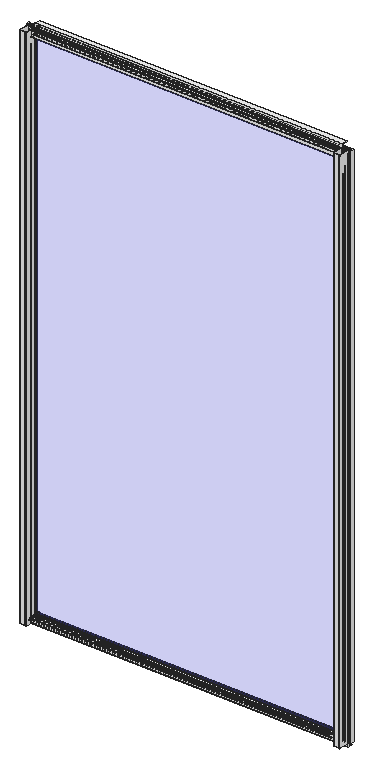
Revit family "Facade_60_Curtain_Wall_E11_Standard", category Windows, host Wall, Revit 2014 (continued)
Definition of nested family "F60 Vertical Profile Side_E11_Std"
  Automatic sketch dimensions
    plane 3 "Center (Left/Right)" to Extrusion 11 sketch curve = 1.014 mm
    plane 3 "Center (Left/Right)" to Extrusion 11 sketch curve = 1.05 mm
    Extrusion 11 sketch curve to Extrusion 11 sketch curve = 0.469 mm  (x2)
    Extrusion 11 sketch curve to Extrusion 11 sketch curve = 1.079 mm
    Extrusion 11 sketch curve to Extrusion 11 sketch curve = 1.317 mm  (x2)
    Extrusion 11 sketch curve to Extrusion 11 sketch curve = 0 mm  (x3)
    plane 3 "Center (Left/Right)" to Extrusion 11 sketch curve = 3.85 mm
    Extrusion 11 sketch curve to Extrusion 11 sketch curve = 0.15 mm  (x2)
    Extrusion 11 sketch curve to Extrusion 11 sketch curve = 26 mm  (x2)
    Extrusion 11 sketch curve to Extrusion 11 sketch curve = 1.05 mm
    Extrusion 11 sketch curve to Extrusion 11 sketch curve = 0.707 mm
    Extrusion 11 sketch curve to Extrusion 11 sketch curve = 0.433 mm
    plane 1 "Center (Front/Back)" to Extrusion 11 sketch curve = 31.288 mm
    plane 1 "Center (Front/Back)" to Extrusion 11 sketch curve = 28.065 mm
    Extrusion 11 sketch curve to Extrusion 11 sketch curve = 1.314 mm
    Extrusion 11 sketch curve to Extrusion 11 sketch curve = 0.65 mm
    Extrusion 11 sketch curve to Extrusion 11 sketch curve = 0.5 mm  (x2)
    plane 1 "Center (Front/Back)" to Extrusion 11 sketch curve = 32.75 mm
    Extrusion 11 sketch curve to Extrusion 11 sketch curve = 0.1 mm  (x3)
    Extrusion 11 sketch curve to Extrusion 11 sketch curve = 1.1 mm  (x2)
    Extrusion 11 sketch curve to Extrusion 11 sketch curve = 8.608 mm
    Extrusion 11 sketch curve to Extrusion 11 sketch curve = 0.962 mm
    Extrusion 12 sketch curve to plane 3 "Center (Left/Right)" = 21.349 mm
    Extrusion 12 sketch curve to Extrusion 12 sketch curve = 6.35 mm
    plane 3 "Center (Left/Right)" to Extrusion 12 sketch curve = 10.403 mm
    plane 1 "Center (Front/Back)" to Extrusion 12 sketch curve = 35.567 mm
    plane 1 "Center (Front/Back)" to Extrusion 12 sketch curve = 10.171 mm
    plane 1 "Center (Front/Back)" to Extrusion 12 sketch curve = 3.821 mm
    Extrusion 13 sketch curve to plane 3 "Center (Left/Right)" = 21.35 mm
    Extrusion 13 sketch curve to Extrusion 13 sketch curve = 6.35 mm
    plane 3 "Center (Left/Right)" to Extrusion 13 sketch curve = 10.402 mm
    plane 1 "Center (Front/Back)" to Extrusion 13 sketch curve = 33.172 mm
    plane 1 "Center (Front/Back)" to Extrusion 13 sketch curve = 7.775 mm
    plane 1 "Center (Front/Back)" to Extrusion 13 sketch curve = 1.425 mm
    Extrusion 14 sketch curve to plane 3 "Center (Left/Right)" = 0 mm
    plane 3 "Center (Left/Right)" to Extrusion 14 sketch curve = 1.2 mm
    Extrusion 14 sketch curve to Extrusion 14 sketch curve = 9.6 mm
    Extrusion 14 sketch curve to Extrusion 14 sketch curve = 1.2 mm  (x3)
    plane 1 "Center (Front/Back)" to Extrusion 14 sketch curve = 25.775 mm
    plane 1 "Center (Front/Back)" to Extrusion 14 sketch curve = 8.975 mm
    curve 4 to Extrusion 6 = 0 mm
    curve 3 to Extrusion 6 = 0 mm
    curve 1 to Extrusion 6 = 0 mm
    curve 4 to Extrusion 6 = 3.6 mm
    curve 3 to Extrusion 6 = 3.6 mm
    curve 1 to Extrusion 6 = 3.6 mm
    Extrusion 6 to curve 2 = 1 mm
    Extrusion 6 to curve 5 = 1 mm
    Extrusion 6 to curve 6 = 1 mm
    curve 6 to Extrusion 6 = 1 mm
    curve 5 to Extrusion 6 = 1 mm
    curve 2 to Extrusion 6 = 1 mm
    curve 9 to Extrusion 6 = 0 mm
    curve 8 to Extrusion 6 = 0 mm
    curve 7 to Extrusion 6 = 0 mm
    Extrusion 6 to curve 8 = 3.6 mm
    Extrusion 6 to curve 9 = 3.6 mm
    Extrusion 6 to curve 7 = 3.6 mm
    curve 12 to Extrusion 5 = 25.894 mm
    curve 11 to Extrusion 5 = 25.894 mm
    curve 10 to Extrusion 5 = 25.894 mm
    curve 10 to Extrusion 5 = 0.108 mm
    Extrusion 5 to curve 12 = 0.703 mm
    Extrusion 5 to curve 11 = 0.703 mm
    curve 13 to Extrusion 5 = 4 mm
    curve 14 to Extrusion 5 = 4 mm
    curve 15 to Extrusion 5 = 4 mm
    Extrusion 5 to curve 15 = 0.702 mm
    Extrusion 5 to curve 14 = 0.702 mm
    Extrusion 5 to curve 13 = 0.702 mm
    curve 18 to Extrusion 7 = 0 mm
    curve 17 to Extrusion 7 = 0 mm
    curve 16 to Extrusion 7 = 0 mm
    Extrusion 7 to curve 17 = 3.6 mm
    Extrusion 7 to curve 18 = 3.6 mm
    Extrusion 7 to curve 16 = 3.6 mm
    Extrusion 7 to curve 21 = 1 mm  (x2)
    Extrusion 7 to curve 20 = 1 mm  (x2)
    Extrusion 7 to curve 19 = 1 mm  (x2)
    curve 24 to Extrusion 7 = 0 mm
    curve 23 to Extrusion 7 = 0 mm
    curve 22 to Extrusion 7 = 0 mm
    curve 24 to Extrusion 7 = 3.6 mm
    curve 23 to Extrusion 7 = 3.6 mm
    curve 22 to Extrusion 7 = 3.6 mm
    curve 27 to Extrusion 8 = 0 mm
    curve 26 to Extrusion 8 = 0 mm
    curve 25 to Extrusion 8 = 0 mm
    Extrusion 8 to curve 26 = 3.6 mm
    Extrusion 8 to curve 27 = 3.6 mm
    Extrusion 8 to curve 25 = 3.6 mm
    Extrusion 8 to curve 30 = 0.221 mm
    Extrusion 8 to curve 29 = 0.221 mm
    Extrusion 8 to curve 28 = 0.221 mm
    curve 29 to Extrusion 8 = 0.222 mm
    curve 30 to Extrusion 8 = 0.222 mm
    curve 28 to Extrusion 8 = 0.222 mm
    curve 33 to Extrusion 8 = 0 mm
    curve 32 to Extrusion 8 = 0 mm
    curve 31 to Extrusion 8 = 0 mm
    curve 33 to Extrusion 8 = 3.6 mm
    curve 32 to Extrusion 8 = 3.6 mm
    curve 31 to Extrusion 8 = 3.6 mm
    curve 34 to Extrusion 11 = 4.016 mm
    curve 35 to Extrusion 11 = 4.016 mm
    curve 36 to Extrusion 11 = 3.97 mm
    Extrusion 11 to curve 36 = 0.637 mm
    Extrusion 11 to curve 35 = 0.637 mm
    Extrusion 11 to curve 34 = 0.637 mm
    curve 37 to Extrusion 11 = 29.221 mm
    curve 38 to Extrusion 11 = 29.221 mm
    curve 39 to Extrusion 11 = 29.221 mm
    Extrusion 11 to curve 39 = 3.222 mm
    Extrusion 11 to curve 38 = 3.222 mm
    Extrusion 11 to curve 37 = 3.222 mm
Definition of nested family "F60 Horizontal Profile Top_E11_Std"
  Parameters (values of type "F60 Horizontal Profile Top")
    Thermal Break Material [instance] = none
    Single Glazing [instance] = yes
    Profile Material [instance] = none
    Length [instance] = 250 mm
    Double Glazing [instance] = yes
  Reference planes
    plane 1 "Center (Front/Back)": y = 0
    plane 2: z = 0
    plane 3 "Center (Left/Right)": x = 0
  Forms (mm)
    Extrusion 1, solid, material <- "Profile Material"
      sketch origin (0, 0, 0) x (0, 1, 0) y (0, 0, 1)
        loop
          line (-9.94, 7.845) -> (-8.37, 6.275) -> (-1.2, 10.415) -> (-1.2, 1.2) -> (-5, 1.2) -> (-5, 0) -> (-1, 0)
          arc (-1, 0) -> (-0.293, 0.293) -> (0, 1) r 1
          line (0, 1) -> (0, 30) -> (0, 59)
          arc (0, 59) -> (-0.293, 59.707) -> (-1, 60) r 1
          line (-1, 60) -> (-5, 60) -> (-5, 58.8) -> (-1.2, 58.8) -> (-1.2, 49.585) -> (-8.37, 53.725) -> (-9.94, 52.155)
          arc (-9.94, 52.155) -> (-9.902, 51.269) -> (-9.016, 51.232) r 0.655
          line (-9.016, 51.232) -> (-8.077, 52.17) -> (-1.2, 48.2) -> (-1.2, 30) -> (-1.2, 11.8) -> (-8.077, 7.83) -> (-9.016, 8.768)
          arc (-9.016, 8.768) -> (-9.902, 8.731) -> (-9.94, 7.845) r 0.655
      from 0 to 250 <- "Length"
    Extrusion 2, solid, material <- "Profile Material"
      sketch origin (0, 0, 0) x (0, 1, 0) y (0, 0, 1)
        loop
          line (-5, 60) -> (-44.6, 60) -> (-44.6, 58.35) -> (-39.944, 58.35) -> (-39.944, 1.65) -> (-44.6, 1.65) -> (-44.6, 0) -> (-5, 0) -> (-5, 2.2) -> (-4.2, 2.2) -> (-4.2, 3.018)
          arc (-4.2, 3.018) -> (-4.352, 3.783) -> (-4.786, 4.432) r 2
          line (-4.786, 4.432) -> (-7.054, 6.7) -> (-8, 6.489) -> (-8, 5.7) -> (-7.205, 5.7) -> (-7.205, 2.95) -> (-8, 2.95) -> (-8, 1.95) -> (-12.752, 1.95) -> (-12.752, 6.7) -> (-14.152, 6.7) -> (-14.152, 1.65) -> (-38.65, 1.65) -> (-38.65, 8.33) -> (-37.097, 8.33) -> (-34.666, 6.973)
          arc (-34.666, 6.973) -> (-33.846, 7.192) -> (-34.066, 8.012) r 0.6
          line (-34.066, 8.012) -> (-37.128, 9.78) -> (-38.65, 9.78) -> (-38.65, 12.65) -> (-37.6, 13.7) -> (-37.6, 20.3) -> (-38.65, 21.35) -> (-38.65, 38.65) -> (-37.6, 39.7) -> (-37.6, 46.3) -> (-38.65, 47.35) -> (-38.65, 50.22) -> (-37.128, 50.22) -> (-34.066, 51.988)
          arc (-34.066, 51.988) -> (-33.846, 52.808) -> (-34.666, 53.027) r 0.6
          line (-34.666, 53.027) -> (-37.032, 51.661) -> (-38.65, 51.661) -> (-38.65, 58.35) -> (-14.152, 58.35) -> (-14.152, 53.3) -> (-12.752, 53.3) -> (-12.752, 58.05) -> (-8, 58.05) -> (-8, 57.05) -> (-7.205, 57.05) -> (-7.205, 54.3) -> (-8, 54.3) -> (-8, 53.511) -> (-7.054, 53.3) -> (-4.786, 55.568)
          arc (-4.786, 55.568) -> (-4.352, 56.217) -> (-4.2, 56.982) r 2
          line (-4.2, 56.982) -> (-4.2, 57.8) -> (-5, 57.8) -> (-5, 60)
      from 0 to 250 <- "Length"
    Extrusion 3, solid, material <- "Thermal Break Material"
      sketch origin (0, 0, 0) x (0, 1, 0) y (0, 0, 1)
        loop
          line (-40, 1.75) -> (-40, 30) -> (-40, 58.25) -> (-44.6, 58.25) -> (-44.6, 60) -> (-45.9, 60) -> (-45.9, 53.65) -> (-41.788, 53.65)
          arc (-41.788, 53.65) -> (-41.363, 53.474) -> (-41.187, 53.05) r 0.6
          line (-41.187, 53.05) -> (-41.187, 30) -> (-41.187, 6.95)
          arc (-41.187, 6.95) -> (-41.363, 6.526) -> (-41.788, 6.35) r 0.6
          line (-41.788, 6.35) -> (-45.9, 6.35) -> (-45.9, 0) -> (-44.6, 0) -> (-44.6, 1.75) -> (-40, 1.75)
      from 0 to 250 <- "Length"
    Extrusion 4, solid, material <- "Profile Material"
      sketch origin (0, 0, 0) x (0, 1, 0) y (0, 0, 1)
        loop
          line (-58.5, 25.249) -> (-43.6, 25.249)
          arc (-43.6, 25.249) -> (-43.034, 25.015) -> (-42.8, 24.449) r 0.8
          line (-42.8, 24.449) -> (-42.8, 7.9) -> (-44.4, 7.9) -> (-44.4, 9.45) -> (-45.25, 9.45)
          arc (-45.25, 9.45) -> (-45.674, 9.274) -> (-45.85, 8.85) r 0.6
          line (-45.85, 8.85) -> (-45.85, 7.9) -> (-48.8, 7.9)
          arc (-48.8, 7.9) -> (-49.3, 8.4) -> (-49.8, 7.9) r 0.5
          line (-49.8, 7.9) -> (-49.8, 5.55) -> (-48.65, 5.55) -> (-48.65, 6.7) -> (-47.35, 6.7) -> (-47.35, 1.2) -> (-48.65, 1.2) -> (-48.65, 2.35) -> (-49.8, 2.35) -> (-49.8, 0.5)
          arc (-49.8, 0.5) -> (-49.654, 0.146) -> (-49.3, 0) r 0.5
          line (-49.3, 0) -> (-45.9, 0) -> (-45.9, 6.45) -> (-42.2, 6.45)
          arc (-42.2, 6.45) -> (-41.634, 6.684) -> (-41.4, 7.25) r 0.8
          line (-41.4, 7.25) -> (-41.4, 30) -> (-41.4, 52.75)
          arc (-41.4, 52.75) -> (-41.634, 53.316) -> (-42.2, 53.55) r 0.8
          line (-42.2, 53.55) -> (-45.9, 53.55) -> (-45.9, 60) -> (-49.3, 60)
          arc (-49.3, 60) -> (-49.654, 59.854) -> (-49.8, 59.5) r 0.5
          line (-49.8, 59.5) -> (-49.8, 57.65) -> (-48.65, 57.65) -> (-48.65, 58.8) -> (-47.35, 58.8) -> (-47.35, 53.3) -> (-48.65, 53.3) -> (-48.65, 54.45) -> (-49.8, 54.45) -> (-49.8, 52.1)
          arc (-49.8, 52.1) -> (-49.3, 51.6) -> (-48.8, 52.1) r 0.5
          line (-48.8, 52.1) -> (-45.85, 52.1) -> (-45.85, 51.15)
          arc (-45.85, 51.15) -> (-45.674, 50.726) -> (-45.25, 50.55) r 0.6
          line (-45.25, 50.55) -> (-44.4, 50.55) -> (-44.4, 52.1) -> (-42.8, 52.1) -> (-42.8, 35.551)
          arc (-42.8, 35.551) -> (-43.034, 34.985) -> (-43.6, 34.751) r 0.8
          line (-43.6, 34.751) -> (-58.5, 34.751)
          arc (-58.5, 34.751) -> (-59.066, 34.516) -> (-59.3, 33.951) r 0.8
          line (-59.3, 33.951) -> (-59.3, 32.902) -> (-42.8, 32.902) -> (-42.8, 27.1) -> (-59.3, 27.1) -> (-59.3, 26.049)
          arc (-59.3, 26.049) -> (-59.066, 25.484) -> (-58.5, 25.249) r 0.8
      from 0 to 250 <- "Length"
    Extrusion 5, solid, material <- "Thermal Break Material", visible <- "Single Glazing"
      sketch origin (0, 0, 0) x (0, 1, 0) y (0, 0, 1)
        loop
          arc (-63.8, 25.751) -> (-63.654, 25.397) -> (-63.3, 25.251) r 0.5
          line (-63.3, 25.251) -> (-59.8, 25.251)
          arc (-59.8, 25.251) -> (-59.446, 25.397) -> (-59.3, 25.751) r 0.5
          line (-59.3, 25.751) -> (-59.3, 27.648) -> (-49.599, 27.648) -> (-47.528, 28.651)
          arc (-47.528, 28.651) -> (-46.803, 30.001) -> (-47.528, 31.351) r 1.62
          line (-47.528, 31.351) -> (-49.599, 32.353) -> (-59.3, 32.353) -> (-59.3, 34.251)
          arc (-59.3, 34.251) -> (-59.446, 34.604) -> (-59.8, 34.751) r 0.5
          line (-59.8, 34.751) -> (-63.3, 34.751)
          arc (-63.3, 34.751) -> (-63.654, 34.604) -> (-63.8, 34.251) r 0.5
          line (-63.8, 34.251) -> (-63.8, 32.328) -> (-62.4, 31.52) -> (-62.4, 28.483) -> (-63.8, 27.673) -> (-63.8, 25.751)
        loop
          line (-59.794, 28.506) -> (-59.006, 29.294)
          arc (-59.006, 29.294) -> (-58.788, 29.618) -> (-58.713, 30.001) r 0.986
          arc (-58.713, 30.001) -> (-58.79, 30.384) -> (-59.008, 30.71) r 1.007
          line (-59.008, 30.71) -> (-59.794, 31.496) -> (-60.65, 31.496)
          arc (-60.65, 31.496) -> (-61.004, 31.349) -> (-61.15, 30.996) r 0.5
          line (-61.15, 30.996) -> (-61.15, 29.006)
          arc (-61.15, 29.006) -> (-61.004, 28.652) -> (-60.65, 28.506) r 0.5
          line (-60.65, 28.506) -> (-59.794, 28.506)
        loop
          line (-47.854, 30.898) -> (-49.415, 31.653) -> (-56.782, 31.653)
          arc (-56.782, 31.653) -> (-57.207, 31.417) -> (-57.23, 30.932) r 0.5
          arc (-57.23, 30.932) -> (-57.013, 30.001) -> (-57.23, 29.07) r 2.099
          arc (-57.23, 29.07) -> (-57.207, 28.584) -> (-56.782, 28.348) r 0.5
          line (-56.782, 28.348) -> (-49.415, 28.348) -> (-48.055, 29.007)
          arc (-48.055, 29.007) -> (-47.35, 29.888) -> (-47.854, 30.898) r 1.047
      from 0 to 250 <- "Length"
    Extrusion 6, solid, material <- "Profile Material", visible <- "Single Glazing"
      sketch origin (0, 0, 0) x (0, 1, 0) y (0, 0, 1)
        loop
          line (-63.8, 52.694) -> (-64.8, 52.694) -> (-64.8, 51.544) -> (-66.05, 51.544) -> (-66.05, 57.044) -> (-64.8, 57.044) -> (-64.8, 55.894) -> (-63.8, 55.894) -> (-63.8, 58.294)
          arc (-63.8, 58.294) -> (-64.082, 58.803) -> (-64.664, 58.835) r 0.6
          line (-64.664, 58.835) -> (-66.562, 57.91) -> (-67.088, 58.988) -> (-68.05, 58.519) -> (-68.05, 48.513)
          arc (-68.05, 48.513) -> (-67.874, 48.089) -> (-67.45, 47.913) r 0.6
          line (-67.45, 47.913) -> (-66.6, 47.913) -> (-66.6, 12.09) -> (-67.45, 12.09)
          arc (-67.45, 12.09) -> (-67.874, 11.914) -> (-68.05, 11.49) r 0.6
          line (-68.05, 11.49) -> (-68.05, 1.485) -> (-67.088, 1.016) -> (-66.562, 2.095) -> (-64.663, 1.169)
          arc (-64.663, 1.169) -> (-64.082, 1.2) -> (-63.8, 1.709) r 0.6
          line (-63.8, 1.709) -> (-63.8, 4.109) -> (-64.8, 4.109) -> (-64.8, 2.959) -> (-66.05, 2.959) -> (-66.05, 8.459) -> (-64.8, 8.459) -> (-64.8, 7.309) -> (-63.8, 7.309) -> (-63.8, 27.674) -> (-62.4, 28.483) -> (-62.4, 31.521) -> (-63.8, 32.329) -> (-63.8, 52.694)
      from 0 to 250 <- "Length"
    Extrusion 7, solid, material <- "Profile Material", visible <- "Single Glazing"
      sketch origin (0, 0, 0) x (0, 1, 0) y (0, 0, 1)
        loop
          line (-68.551, 3.3) -> (-76.559, 3.3) -> (-76.559, 30) -> (-76.559, 56.15)
          arc (-76.559, 56.15) -> (-75.739, 58.13) -> (-73.759, 58.95) r 2.8
          line (-73.759, 58.95) -> (-69.151, 58.95) -> (-69.151, 57.2)
          arc (-69.151, 57.2) -> (-68.987, 56.829) -> (-68.601, 56.703) r 0.5
          arc (-68.601, 56.703) -> (-68.216, 56.829) -> (-68.051, 57.2) r 0.5
          line (-68.051, 57.2) -> (-68.051, 58.517) -> (-67.089, 58.986) -> (-66.563, 57.907) -> (-63.866, 59.222)
          arc (-63.866, 59.222) -> (-64.001, 59.762) -> (-64.504, 60) r 0.65
          line (-64.504, 60) -> (-73.859, 60)
          arc (-73.859, 60) -> (-76.687, 58.828) -> (-77.859, 56) r 4
          line (-77.859, 56) -> (-77.859, 30) -> (-77.859, 2.493)
          arc (-77.859, 2.493) -> (-77.197, 0.799) -> (-75.562, 0.002) r 2.5
          arc (-75.562, 0.002) -> (-75.182, 0.132) -> (-75.021, 0.5) r 0.5
          line (-75.021, 0.5) -> (-75.021, 2) -> (-69.151, 2) -> (-69.151, 0.5)
          arc (-69.151, 0.5) -> (-69.005, 0.146) -> (-68.651, 0) r 0.5
          line (-68.651, 0) -> (-64.504, 0)
          arc (-64.504, 0) -> (-64.001, 0.238) -> (-63.866, 0.778) r 0.65
          line (-63.866, 0.778) -> (-66.563, 2.093) -> (-67.089, 1.014) -> (-68.051, 1.483) -> (-68.051, 2.8)
          arc (-68.051, 2.8) -> (-68.198, 3.154) -> (-68.551, 3.3) r 0.5
      from 0 to 250 <- "Length"
    Extrusion 8, solid, material <- "Thermal Break Material", visible <- "Double Glazing"
      sketch origin (0, 0, 0) x (0, 1, 0) y (0, 0, 1)
        loop
          line (-77.8, 27.673) -> (-77.8, 25.751)
          arc (-77.8, 25.751) -> (-77.654, 25.397) -> (-77.3, 25.251) r 0.5
          line (-77.3, 25.251) -> (-59.8, 25.251)
          arc (-59.8, 25.251) -> (-59.446, 25.397) -> (-59.3, 25.751) r 0.5
          line (-59.3, 25.751) -> (-59.3, 27.647) -> (-49.599, 27.647) -> (-47.528, 28.649)
          arc (-47.528, 28.649) -> (-46.803, 29.999) -> (-47.528, 31.349) r 1.62
          line (-47.528, 31.349) -> (-49.602, 32.353) -> (-59.3, 32.353) -> (-59.3, 34.251)
          arc (-59.3, 34.251) -> (-59.446, 34.604) -> (-59.8, 34.751) r 0.5
          line (-59.8, 34.751) -> (-77.3, 34.751)
          arc (-77.3, 34.751) -> (-77.654, 34.604) -> (-77.8, 34.251) r 0.5
          line (-77.8, 34.251) -> (-77.8, 32.327) -> (-76.4, 31.52) -> (-76.4, 28.482) -> (-77.8, 27.673)
        loop
          line (-59.006, 30.708) -> (-61.156, 32.858)
          arc (-61.156, 32.858) -> (-61.48, 33.074) -> (-61.863, 33.151) r 1
          line (-61.863, 33.151) -> (-73.8, 33.151)
          arc (-73.8, 33.151) -> (-74.507, 32.858) -> (-74.8, 32.151) r 1
          line (-74.8, 32.151) -> (-74.8, 27.851)
          arc (-74.8, 27.851) -> (-74.507, 27.144) -> (-73.8, 26.851) r 1
          line (-73.8, 26.851) -> (-61.863, 26.851)
          arc (-61.863, 26.851) -> (-61.48, 26.927) -> (-61.156, 27.144) r 1
          line (-61.156, 27.144) -> (-59.006, 29.294)
          arc (-59.006, 29.294) -> (-58.788, 29.618) -> (-58.713, 30.001) r 0.986
          arc (-58.713, 30.001) -> (-58.79, 30.383) -> (-59.006, 30.708) r 1.007
        loop
          line (-56.782, 28.347) -> (-49.415, 28.347) -> (-48.055, 29.005)
          arc (-48.055, 29.005) -> (-47.35, 29.887) -> (-47.854, 30.896) r 1.047
          line (-47.854, 30.896) -> (-49.415, 31.652) -> (-56.782, 31.652)
          arc (-56.782, 31.652) -> (-57.207, 31.416) -> (-57.23, 30.93) r 0.5
          arc (-57.23, 30.93) -> (-57.013, 29.999) -> (-57.23, 29.068) r 2.099
          arc (-57.23, 29.068) -> (-57.207, 28.583) -> (-56.782, 28.347) r 0.5
      from 0 to 250 <- "Length"
    Extrusion 9, solid, material <- "Profile Material", visible <- "Double Glazing"
      sketch origin (0, 0, 0) x (0, 1, 0) y (0, 0, 1)
        loop
          line (-77.8, 52.694) -> (-78.8, 52.694) -> (-78.8, 51.544) -> (-80.05, 51.544) -> (-80.05, 57.044) -> (-78.8, 57.044) -> (-78.8, 55.894) -> (-77.8, 55.894) -> (-77.8, 58.294)
          arc (-77.8, 58.294) -> (-78.082, 58.802) -> (-78.664, 58.834) r 0.6
          line (-78.664, 58.834) -> (-80.562, 57.909) -> (-81.088, 58.988) -> (-82.05, 58.518) -> (-82.05, 48.512)
          arc (-82.05, 48.512) -> (-81.874, 48.088) -> (-81.45, 47.912) r 0.6
          line (-81.45, 47.912) -> (-80.6, 47.912) -> (-80.6, 12.089) -> (-81.45, 12.089)
          arc (-81.45, 12.089) -> (-81.874, 11.913) -> (-82.05, 11.489) r 0.6
          line (-82.05, 11.489) -> (-82.05, 1.484) -> (-81.088, 1.015) -> (-80.562, 2.094) -> (-78.663, 1.169)
          arc (-78.663, 1.169) -> (-78.082, 1.199) -> (-77.8, 1.708) r 0.6
          line (-77.8, 1.708) -> (-77.8, 4.108) -> (-78.8, 4.108) -> (-78.8, 2.958) -> (-80.05, 2.958) -> (-80.05, 8.458) -> (-78.8, 8.458) -> (-78.8, 7.308) -> (-77.8, 7.308) -> (-77.8, 27.673) -> (-76.4, 28.482) -> (-76.4, 31.52) -> (-77.8, 32.328) -> (-77.8, 52.694)
      from 0 to 250 <- "Length"
    Extrusion 10, solid, material <- "Profile Material", visible <- "Double Glazing"
      sketch origin (0, 0, 0) x (0, 1, 0) y (0, 0, 1)
        loop
          line (-82.551, 3.3) -> (-90.558, 3.3) -> (-90.558, 30) -> (-90.558, 56.15)
          arc (-90.558, 56.15) -> (-89.738, 58.13) -> (-87.758, 58.95) r 2.8
          line (-87.758, 58.95) -> (-83.151, 58.95) -> (-83.151, 57.2)
          arc (-83.151, 57.2) -> (-82.986, 56.829) -> (-82.601, 56.703) r 0.5
          arc (-82.601, 56.703) -> (-82.215, 56.829) -> (-82.051, 57.2) r 0.5
          line (-82.051, 57.2) -> (-82.051, 58.517) -> (-81.088, 58.986) -> (-80.563, 57.907) -> (-77.866, 59.222)
          arc (-77.866, 59.222) -> (-78, 59.762) -> (-78.503, 60) r 0.65
          line (-78.503, 60) -> (-87.858, 60)
          arc (-87.858, 60) -> (-90.687, 58.828) -> (-91.858, 56) r 4
          line (-91.858, 56) -> (-91.858, 30) -> (-91.858, 2.493)
          arc (-91.858, 2.493) -> (-91.196, 0.799) -> (-89.561, 0.002) r 2.5
          arc (-89.561, 0.002) -> (-89.182, 0.132) -> (-89.021, 0.5) r 0.5
          line (-89.021, 0.5) -> (-89.021, 2) -> (-83.151, 2) -> (-83.151, 0.5)
          arc (-83.151, 0.5) -> (-83.004, 0.146) -> (-82.651, 0) r 0.5
          line (-82.651, 0) -> (-78.503, 0)
          arc (-78.503, 0) -> (-78, 0.238) -> (-77.866, 0.778) r 0.65
          line (-77.866, 0.778) -> (-80.563, 2.093) -> (-81.088, 1.014) -> (-82.051, 1.483) -> (-82.051, 2.8)
          arc (-82.051, 2.8) -> (-82.197, 3.154) -> (-82.551, 3.3) r 0.5
      from 0 to 250 <- "Length"
    Extrusion 11, solid, material <- "Profile Material", visible <- "Double Glazing"
      sketch origin (0, 0, 0) x (0, 1, 0) y (0, 0, 1)
        loop
          line (-57.8, 45.73) -> (-51.8, 45.73) -> (-51.8, 95.73) -> (-101.8, 95.73) -> (-101.8, 89.73) -> (-57.8, 89.73) -> (-57.8, 45.73)
      from 0 to 250 <- "Length"
    Extrusion 12, solid, material <- "Profile Material", visible <- "Double Glazing"
      sketch origin (0, 0, 0) x (0, 1, 0) y (0, 0, 1)
        loop
          line (-75.8, 48) -> (-57.8, 48) -> (-57.8, 60) -> (-75.8, 60) -> (-75.8, 48)
        loop
          line (-74.6, 49.2) -> (-59, 49.2) -> (-59, 58.8) -> (-74.6, 58.8) -> (-74.6, 49.2)
      from 0 to 250 <- "Length"
    Extrusion 13, solid, material <- "Profile Material", visible <- "Single Glazing"
      sketch origin (0, 0, 0) x (0, 1, 0) y (0, 0, 1)
        loop
          line (-59.8, 45.865) -> (-53.8, 45.865) -> (-53.8, 95.865) -> (-103.8, 95.865) -> (-103.8, 89.865) -> (-59.8, 89.865) -> (-59.8, 45.865)
      from 0 to 250 <- "Length"
  Dimensions and locks
    aligned and locked: level to plane 2
Definition of nested family "F60 Sill_E11_Std"
  Parameters (values of type "F60 Sill")
    Profile Material [instance] = none
    Length Sill [instance] = 250 mm
  Reference planes
    plane 1 "Center (Front/Back)": y = 0
    plane 2: z = 0
    plane 3 "Center (Left/Right)": x = 0
  Forms (mm)
    Extrusion 1, solid, material <- "Profile Material"
      sketch origin (0, 0, 0) x (0, 1, 0) y (0, 0, 1)
        loop
          line (-42.734, 5.324) -> (-48.256, 4.643)
          arc (-48.256, 4.643) -> (-49.196, 4.147) -> (-49.572, 3.154) r 1.5
          line (-49.572, 3.154) -> (-49.572, 1.88) -> (-47.772, 1.88) -> (-47.772, 3.191) -> (-19.233, 6.714)
          arc (-19.233, 6.714) -> (-17.924, 7.083) -> (-16.785, 7.826) r 4.5
          line (-16.785, 7.826) -> (-16.785, 1.88) -> (-15.285, 1.88) -> (-15.285, 24.58)
          arc (-15.285, 24.58) -> (-15.109, 25.004) -> (-14.685, 25.18) r 0.6
          line (-14.685, 25.18) -> (-4.072, 25.18) -> (-4.072, 1.88) -> (-2.572, 1.88) -> (-2.572, 29.88) -> (-4.072, 29.88) -> (-4.072, 28.88) -> (-5.222, 28.88) -> (-5.222, 27.68) -> (-4.072, 27.68) -> (-4.072, 26.38) -> (-9.572, 26.38) -> (-9.572, 27.68) -> (-8.422, 27.68) -> (-8.422, 28.88) -> (-10.172, 28.88)
          arc (-10.172, 28.88) -> (-10.597, 28.704) -> (-10.772, 28.28) r 0.6
          line (-10.772, 28.28) -> (-10.772, 26.38) -> (-15.285, 26.38)
          arc (-15.285, 26.38) -> (-16.345, 25.941) -> (-16.785, 24.88) r 1.5
          line (-16.785, 24.88) -> (-16.785, 11.18)
          arc (-16.785, 11.18) -> (-17.537, 9.193) -> (-19.417, 8.203) r 3
          line (-19.417, 8.203) -> (-39.35, 5.742)
          arc (-39.35, 5.742) -> (-40.527, 6.107) -> (-41.034, 7.231) r 1.5
          line (-41.034, 7.231) -> (-41.034, 19.996)
          arc (-41.034, 19.996) -> (-40.883, 20.394) -> (-40.507, 20.592) r 0.6
          line (-40.507, 20.592) -> (-32.917, 21.529)
          arc (-32.917, 21.529) -> (-31.977, 22.024) -> (-31.601, 23.017) r 1.5
          line (-31.601, 23.017) -> (-31.601, 28.88) -> (-33.101, 28.88) -> (-33.101, 23.548)
          arc (-33.101, 23.548) -> (-33.251, 23.15) -> (-33.627, 22.952) r 0.6
          line (-33.627, 22.952) -> (-45.787, 21.451)
          arc (-45.787, 21.451) -> (-46.727, 20.956) -> (-47.104, 19.962) r 1.5
          line (-47.104, 19.962) -> (-47.104, 19.054)
          arc (-47.104, 19.054) -> (-46.957, 18.7) -> (-46.604, 18.554) r 0.5
          line (-46.604, 18.554) -> (-45.604, 18.554) -> (-45.604, 19.962) -> (-42.734, 20.317) -> (-42.734, 5.324)
      from 0 to 250 <- "Length Sill"
  Dimensions and locks
    aligned and locked: level to plane 2
Definition of nested family "F60 Horizontal Profile Bottom_E11_Std"
  Parameters (values of type "F60 Horizontal Profile Bottom")
    Thermal Break Material [instance] = none
    Single Glazing [instance] = yes
    Profile Material [instance] = none
    Length [instance] = 250 mm
    Double Glazing [instance] = yes
  Reference planes
    plane 1 "Center (Front/Back)": y = 0
    plane 2: z = 0
    plane 3 "Center (Left/Right)": x = 0
  Forms (mm)
    Extrusion 1, solid, material <- "Profile Material"
      sketch origin (0, 0, 0) x (0, 1, 0) y (0, 0, 1)
        loop
          line (-9.94, 7.845) -> (-8.37, 6.275) -> (-1.2, 10.415) -> (-1.2, 1.2) -> (-5, 1.2) -> (-5, 0) -> (-1, 0)
          arc (-1, 0) -> (-0.293, 0.293) -> (0, 1) r 1
          line (0, 1) -> (0, 30) -> (0, 59)
          arc (0, 59) -> (-0.293, 59.707) -> (-1, 60) r 1
          line (-1, 60) -> (-5, 60) -> (-5, 58.8) -> (-1.2, 58.8) -> (-1.2, 49.585) -> (-8.37, 53.725) -> (-9.94, 52.155)
          arc (-9.94, 52.155) -> (-9.902, 51.269) -> (-9.016, 51.232) r 0.655
          line (-9.016, 51.232) -> (-8.077, 52.17) -> (-1.2, 48.2) -> (-1.2, 30) -> (-1.2, 11.8) -> (-8.077, 7.83) -> (-9.016, 8.768)
          arc (-9.016, 8.768) -> (-9.902, 8.731) -> (-9.94, 7.845) r 0.655
      from 0 to 250 <- "Length"
    Extrusion 2, solid, material <- "Profile Material"
      sketch origin (0, 0, 0) x (0, 1, 0) y (0, 0, 1)
        loop
          line (-5, 60) -> (-44.6, 60) -> (-44.6, 58.35) -> (-39.944, 58.35) -> (-39.944, 1.65) -> (-44.6, 1.65) -> (-44.6, 0) -> (-5, 0) -> (-5, 2.2) -> (-4.2, 2.2) -> (-4.2, 3.018)
          arc (-4.2, 3.018) -> (-4.352, 3.783) -> (-4.786, 4.432) r 2
          line (-4.786, 4.432) -> (-7.054, 6.7) -> (-8, 6.489) -> (-8, 5.7) -> (-7.205, 5.7) -> (-7.205, 2.95) -> (-8, 2.95) -> (-8, 1.95) -> (-12.752, 1.95) -> (-12.752, 6.7) -> (-14.152, 6.7) -> (-14.152, 1.65) -> (-38.65, 1.65) -> (-38.65, 8.33) -> (-37.097, 8.33) -> (-34.666, 6.973)
          arc (-34.666, 6.973) -> (-33.846, 7.192) -> (-34.066, 8.012) r 0.6
          line (-34.066, 8.012) -> (-37.128, 9.78) -> (-38.65, 9.78) -> (-38.65, 12.65) -> (-37.6, 13.7) -> (-37.6, 20.3) -> (-38.65, 21.35) -> (-38.65, 38.65) -> (-37.6, 39.7) -> (-37.6, 46.3) -> (-38.65, 47.35) -> (-38.65, 50.22) -> (-37.128, 50.22) -> (-34.066, 51.988)
          arc (-34.066, 51.988) -> (-33.846, 52.808) -> (-34.666, 53.027) r 0.6
          line (-34.666, 53.027) -> (-37.032, 51.661) -> (-38.65, 51.661) -> (-38.65, 58.35) -> (-14.152, 58.35) -> (-14.152, 53.3) -> (-12.752, 53.3) -> (-12.752, 58.05) -> (-8, 58.05) -> (-8, 57.05) -> (-7.205, 57.05) -> (-7.205, 54.3) -> (-8, 54.3) -> (-8, 53.511) -> (-7.054, 53.3) -> (-4.786, 55.568)
          arc (-4.786, 55.568) -> (-4.352, 56.217) -> (-4.2, 56.982) r 2
          line (-4.2, 56.982) -> (-4.2, 57.8) -> (-5, 57.8) -> (-5, 60)
      from 0 to 250 <- "Length"
    Extrusion 3, solid, material <- "Thermal Break Material"
      sketch origin (0, 0, 0) x (0, 1, 0) y (0, 0, 1)
        loop
          line (-40, 1.75) -> (-40, 30) -> (-40, 58.25) -> (-44.6, 58.25) -> (-44.6, 60) -> (-45.9, 60) -> (-45.9, 53.65) -> (-41.788, 53.65)
          arc (-41.788, 53.65) -> (-41.363, 53.474) -> (-41.187, 53.05) r 0.6
          line (-41.187, 53.05) -> (-41.187, 30) -> (-41.187, 6.95)
          arc (-41.187, 6.95) -> (-41.363, 6.526) -> (-41.788, 6.35) r 0.6
          line (-41.788, 6.35) -> (-45.9, 6.35) -> (-45.9, 0) -> (-44.6, 0) -> (-44.6, 1.75) -> (-40, 1.75)
      from 0 to 250 <- "Length"
    Extrusion 4, solid, material <- "Profile Material"
      sketch origin (0, 0, 0) x (0, 1, 0) y (0, 0, 1)
        loop
          line (-58.5, 25.249) -> (-43.6, 25.249)
          arc (-43.6, 25.249) -> (-43.034, 25.015) -> (-42.8, 24.449) r 0.8
          line (-42.8, 24.449) -> (-42.8, 7.9) -> (-44.4, 7.9) -> (-44.4, 9.45) -> (-45.25, 9.45)
          arc (-45.25, 9.45) -> (-45.674, 9.274) -> (-45.85, 8.85) r 0.6
          line (-45.85, 8.85) -> (-45.85, 7.9) -> (-48.8, 7.9)
          arc (-48.8, 7.9) -> (-49.3, 8.4) -> (-49.8, 7.9) r 0.5
          line (-49.8, 7.9) -> (-49.8, 5.55) -> (-48.65, 5.55) -> (-48.65, 6.7) -> (-47.35, 6.7) -> (-47.35, 1.2) -> (-48.65, 1.2) -> (-48.65, 2.35) -> (-49.8, 2.35) -> (-49.8, 0.5)
          arc (-49.8, 0.5) -> (-49.654, 0.146) -> (-49.3, 0) r 0.5
          line (-49.3, 0) -> (-45.9, 0) -> (-45.9, 6.45) -> (-42.2, 6.45)
          arc (-42.2, 6.45) -> (-41.634, 6.684) -> (-41.4, 7.25) r 0.8
          line (-41.4, 7.25) -> (-41.4, 30) -> (-41.4, 52.75)
          arc (-41.4, 52.75) -> (-41.634, 53.316) -> (-42.2, 53.55) r 0.8
          line (-42.2, 53.55) -> (-45.9, 53.55) -> (-45.9, 60) -> (-49.3, 60)
          arc (-49.3, 60) -> (-49.654, 59.854) -> (-49.8, 59.5) r 0.5
          line (-49.8, 59.5) -> (-49.8, 57.65) -> (-48.65, 57.65) -> (-48.65, 58.8) -> (-47.35, 58.8) -> (-47.35, 53.3) -> (-48.65, 53.3) -> (-48.65, 54.45) -> (-49.8, 54.45) -> (-49.8, 52.1)
          arc (-49.8, 52.1) -> (-49.3, 51.6) -> (-48.8, 52.1) r 0.5
          line (-48.8, 52.1) -> (-45.85, 52.1) -> (-45.85, 51.15)
          arc (-45.85, 51.15) -> (-45.674, 50.726) -> (-45.25, 50.55) r 0.6
          line (-45.25, 50.55) -> (-44.4, 50.55) -> (-44.4, 52.1) -> (-42.8, 52.1) -> (-42.8, 35.551)
          arc (-42.8, 35.551) -> (-43.034, 34.985) -> (-43.6, 34.751) r 0.8
          line (-43.6, 34.751) -> (-58.5, 34.751)
          arc (-58.5, 34.751) -> (-59.066, 34.516) -> (-59.3, 33.951) r 0.8
          line (-59.3, 33.951) -> (-59.3, 32.902) -> (-42.8, 32.902) -> (-42.8, 27.1) -> (-59.3, 27.1) -> (-59.3, 26.049)
          arc (-59.3, 26.049) -> (-59.066, 25.484) -> (-58.5, 25.249) r 0.8
      from 0 to 250 <- "Length"
    Extrusion 5, solid, material <- "Thermal Break Material", visible <- "Single Glazing"
      sketch origin (0, 0, 0) x (0, 1, 0) y (0, 0, 1)
        loop
          arc (-63.8, 25.751) -> (-63.654, 25.397) -> (-63.3, 25.251) r 0.5
          line (-63.3, 25.251) -> (-59.8, 25.251)
          arc (-59.8, 25.251) -> (-59.446, 25.397) -> (-59.3, 25.751) r 0.5
          line (-59.3, 25.751) -> (-59.3, 27.648) -> (-49.599, 27.648) -> (-47.528, 28.651)
          arc (-47.528, 28.651) -> (-46.803, 30.001) -> (-47.528, 31.351) r 1.62
          line (-47.528, 31.351) -> (-49.599, 32.353) -> (-59.3, 32.353) -> (-59.3, 34.251)
          arc (-59.3, 34.251) -> (-59.446, 34.604) -> (-59.8, 34.751) r 0.5
          line (-59.8, 34.751) -> (-63.3, 34.751)
          arc (-63.3, 34.751) -> (-63.654, 34.604) -> (-63.8, 34.251) r 0.5
          line (-63.8, 34.251) -> (-63.8, 32.328) -> (-62.4, 31.52) -> (-62.4, 28.483) -> (-63.8, 27.673) -> (-63.8, 25.751)
        loop
          line (-59.794, 28.506) -> (-59.006, 29.294)
          arc (-59.006, 29.294) -> (-58.788, 29.618) -> (-58.713, 30.001) r 0.986
          arc (-58.713, 30.001) -> (-58.79, 30.384) -> (-59.008, 30.71) r 1.007
          line (-59.008, 30.71) -> (-59.794, 31.496) -> (-60.65, 31.496)
          arc (-60.65, 31.496) -> (-61.004, 31.349) -> (-61.15, 30.996) r 0.5
          line (-61.15, 30.996) -> (-61.15, 29.006)
          arc (-61.15, 29.006) -> (-61.004, 28.652) -> (-60.65, 28.506) r 0.5
          line (-60.65, 28.506) -> (-59.794, 28.506)
        loop
          line (-47.854, 30.898) -> (-49.415, 31.653) -> (-56.782, 31.653)
          arc (-56.782, 31.653) -> (-57.207, 31.417) -> (-57.23, 30.932) r 0.5
          arc (-57.23, 30.932) -> (-57.013, 30.001) -> (-57.23, 29.07) r 2.099
          arc (-57.23, 29.07) -> (-57.207, 28.584) -> (-56.782, 28.348) r 0.5
          line (-56.782, 28.348) -> (-49.415, 28.348) -> (-48.055, 29.007)
          arc (-48.055, 29.007) -> (-47.35, 29.888) -> (-47.854, 30.898) r 1.047
      from 0 to 250 <- "Length"
    Extrusion 6, solid, material <- "Profile Material", visible <- "Single Glazing"
      sketch origin (0, 0, 0) x (0, 1, 0) y (0, 0, 1)
        loop
          line (-63.8, 52.694) -> (-64.8, 52.694) -> (-64.8, 51.544) -> (-66.05, 51.544) -> (-66.05, 57.044) -> (-64.8, 57.044) -> (-64.8, 55.894) -> (-63.8, 55.894) -> (-63.8, 58.294)
          arc (-63.8, 58.294) -> (-64.082, 58.803) -> (-64.664, 58.835) r 0.6
          line (-64.664, 58.835) -> (-66.562, 57.91) -> (-67.088, 58.988) -> (-68.05, 58.519) -> (-68.05, 48.513)
          arc (-68.05, 48.513) -> (-67.874, 48.089) -> (-67.45, 47.913) r 0.6
          line (-67.45, 47.913) -> (-66.6, 47.913) -> (-66.6, 12.09) -> (-67.45, 12.09)
          arc (-67.45, 12.09) -> (-67.874, 11.914) -> (-68.05, 11.49) r 0.6
          line (-68.05, 11.49) -> (-68.05, 1.485) -> (-67.088, 1.016) -> (-66.562, 2.095) -> (-64.663, 1.169)
          arc (-64.663, 1.169) -> (-64.082, 1.2) -> (-63.8, 1.709) r 0.6
          line (-63.8, 1.709) -> (-63.8, 4.109) -> (-64.8, 4.109) -> (-64.8, 2.959) -> (-66.05, 2.959) -> (-66.05, 8.459) -> (-64.8, 8.459) -> (-64.8, 7.309) -> (-63.8, 7.309) -> (-63.8, 27.674) -> (-62.4, 28.483) -> (-62.4, 31.521) -> (-63.8, 32.329) -> (-63.8, 52.694)
      from 0 to 250 <- "Length"
    Extrusion 7, solid, material <- "Profile Material", visible <- "Single Glazing"
      sketch origin (0, 0, 0) x (0, 1, 0) y (0, 0, 1)
        loop
          line (-68.551, 3.3) -> (-76.559, 3.3) -> (-76.559, 30) -> (-76.559, 56.15)
          arc (-76.559, 56.15) -> (-75.739, 58.13) -> (-73.759, 58.95) r 2.8
          line (-73.759, 58.95) -> (-69.151, 58.95) -> (-69.151, 57.2)
          arc (-69.151, 57.2) -> (-68.987, 56.829) -> (-68.601, 56.703) r 0.5
          arc (-68.601, 56.703) -> (-68.216, 56.829) -> (-68.051, 57.2) r 0.5
          line (-68.051, 57.2) -> (-68.051, 58.517) -> (-67.089, 58.986) -> (-66.563, 57.907) -> (-63.866, 59.222)
          arc (-63.866, 59.222) -> (-64.001, 59.762) -> (-64.504, 60) r 0.65
          line (-64.504, 60) -> (-73.859, 60)
          arc (-73.859, 60) -> (-76.687, 58.828) -> (-77.859, 56) r 4
          line (-77.859, 56) -> (-77.859, 30) -> (-77.859, 2.493)
          arc (-77.859, 2.493) -> (-77.197, 0.799) -> (-75.562, 0.002) r 2.5
          arc (-75.562, 0.002) -> (-75.182, 0.132) -> (-75.021, 0.5) r 0.5
          line (-75.021, 0.5) -> (-75.021, 2) -> (-69.151, 2) -> (-69.151, 0.5)
          arc (-69.151, 0.5) -> (-69.005, 0.146) -> (-68.651, 0) r 0.5
          line (-68.651, 0) -> (-64.504, 0)
          arc (-64.504, 0) -> (-64.001, 0.238) -> (-63.866, 0.778) r 0.65
          line (-63.866, 0.778) -> (-66.563, 2.093) -> (-67.089, 1.014) -> (-68.051, 1.483) -> (-68.051, 2.8)
          arc (-68.051, 2.8) -> (-68.198, 3.154) -> (-68.551, 3.3) r 0.5
      from 0 to 250 <- "Length"
    Extrusion 8, solid, material <- "Thermal Break Material", visible <- "Double Glazing"
      sketch origin (0, 0, 0) x (0, 1, 0) y (0, 0, 1)
        loop
          line (-77.8, 27.673) -> (-77.8, 25.751)
          arc (-77.8, 25.751) -> (-77.654, 25.397) -> (-77.3, 25.251) r 0.5
          line (-77.3, 25.251) -> (-59.8, 25.251)
          arc (-59.8, 25.251) -> (-59.446, 25.397) -> (-59.3, 25.751) r 0.5
          line (-59.3, 25.751) -> (-59.3, 27.647) -> (-49.599, 27.647) -> (-47.528, 28.649)
          arc (-47.528, 28.649) -> (-46.803, 29.999) -> (-47.528, 31.349) r 1.62
          line (-47.528, 31.349) -> (-49.602, 32.353) -> (-59.3, 32.353) -> (-59.3, 34.251)
          arc (-59.3, 34.251) -> (-59.446, 34.604) -> (-59.8, 34.751) r 0.5
          line (-59.8, 34.751) -> (-77.3, 34.751)
          arc (-77.3, 34.751) -> (-77.654, 34.604) -> (-77.8, 34.251) r 0.5
          line (-77.8, 34.251) -> (-77.8, 32.327) -> (-76.4, 31.52) -> (-76.4, 28.482) -> (-77.8, 27.673)
        loop
          line (-59.006, 30.708) -> (-61.156, 32.858)
          arc (-61.156, 32.858) -> (-61.48, 33.074) -> (-61.863, 33.151) r 1
          line (-61.863, 33.151) -> (-73.8, 33.151)
          arc (-73.8, 33.151) -> (-74.507, 32.858) -> (-74.8, 32.151) r 1
          line (-74.8, 32.151) -> (-74.8, 27.851)
          arc (-74.8, 27.851) -> (-74.507, 27.144) -> (-73.8, 26.851) r 1
          line (-73.8, 26.851) -> (-61.863, 26.851)
          arc (-61.863, 26.851) -> (-61.48, 26.927) -> (-61.156, 27.144) r 1
          line (-61.156, 27.144) -> (-59.006, 29.294)
          arc (-59.006, 29.294) -> (-58.788, 29.618) -> (-58.713, 30.001) r 0.986
          arc (-58.713, 30.001) -> (-58.79, 30.383) -> (-59.006, 30.708) r 1.007
        loop
          line (-56.782, 28.347) -> (-49.415, 28.347) -> (-48.055, 29.005)
          arc (-48.055, 29.005) -> (-47.35, 29.887) -> (-47.854, 30.896) r 1.047
          line (-47.854, 30.896) -> (-49.415, 31.652) -> (-56.782, 31.652)
          arc (-56.782, 31.652) -> (-57.207, 31.416) -> (-57.23, 30.93) r 0.5
          arc (-57.23, 30.93) -> (-57.013, 29.999) -> (-57.23, 29.068) r 2.099
          arc (-57.23, 29.068) -> (-57.207, 28.583) -> (-56.782, 28.347) r 0.5
      from 0 to 250 <- "Length"
    Extrusion 9, solid, material <- "Profile Material", visible <- "Double Glazing"
      sketch origin (0, 0, 0) x (0, 1, 0) y (0, 0, 1)
        loop
          line (-77.8, 52.694) -> (-78.8, 52.694) -> (-78.8, 51.544) -> (-80.05, 51.544) -> (-80.05, 57.044) -> (-78.8, 57.044) -> (-78.8, 55.894) -> (-77.8, 55.894) -> (-77.8, 58.294)
          arc (-77.8, 58.294) -> (-78.082, 58.802) -> (-78.664, 58.834) r 0.6
          line (-78.664, 58.834) -> (-80.562, 57.909) -> (-81.088, 58.988) -> (-82.05, 58.518) -> (-82.05, 48.512)
          arc (-82.05, 48.512) -> (-81.874, 48.088) -> (-81.45, 47.912) r 0.6
          line (-81.45, 47.912) -> (-80.6, 47.912) -> (-80.6, 12.089) -> (-81.45, 12.089)
          arc (-81.45, 12.089) -> (-81.874, 11.913) -> (-82.05, 11.489) r 0.6
          line (-82.05, 11.489) -> (-82.05, 1.484) -> (-81.088, 1.015) -> (-80.562, 2.094) -> (-78.663, 1.169)
          arc (-78.663, 1.169) -> (-78.082, 1.199) -> (-77.8, 1.708) r 0.6
          line (-77.8, 1.708) -> (-77.8, 4.108) -> (-78.8, 4.108) -> (-78.8, 2.958) -> (-80.05, 2.958) -> (-80.05, 8.458) -> (-78.8, 8.458) -> (-78.8, 7.308) -> (-77.8, 7.308) -> (-77.8, 27.673) -> (-76.4, 28.482) -> (-76.4, 31.52) -> (-77.8, 32.328) -> (-77.8, 52.694)
      from 0 to 250 <- "Length"
    Extrusion 10, solid, material <- "Profile Material", visible <- "Double Glazing"
      sketch origin (0, 0, 0) x (0, 1, 0) y (0, 0, 1)
        loop
          line (-82.551, 3.3) -> (-90.558, 3.3) -> (-90.558, 30) -> (-90.558, 56.15)
          arc (-90.558, 56.15) -> (-89.738, 58.13) -> (-87.758, 58.95) r 2.8
          line (-87.758, 58.95) -> (-83.151, 58.95) -> (-83.151, 57.2)
          arc (-83.151, 57.2) -> (-82.986, 56.829) -> (-82.601, 56.703) r 0.5
          arc (-82.601, 56.703) -> (-82.215, 56.829) -> (-82.051, 57.2) r 0.5
          line (-82.051, 57.2) -> (-82.051, 58.517) -> (-81.088, 58.986) -> (-80.563, 57.907) -> (-77.866, 59.222)
          arc (-77.866, 59.222) -> (-78, 59.762) -> (-78.503, 60) r 0.65
          line (-78.503, 60) -> (-87.858, 60)
          arc (-87.858, 60) -> (-90.687, 58.828) -> (-91.858, 56) r 4
          line (-91.858, 56) -> (-91.858, 30) -> (-91.858, 2.493)
          arc (-91.858, 2.493) -> (-91.196, 0.799) -> (-89.561, 0.002) r 2.5
          arc (-89.561, 0.002) -> (-89.182, 0.132) -> (-89.021, 0.5) r 0.5
          line (-89.021, 0.5) -> (-89.021, 2) -> (-83.151, 2) -> (-83.151, 0.5)
          arc (-83.151, 0.5) -> (-83.004, 0.146) -> (-82.651, 0) r 0.5
          line (-82.651, 0) -> (-78.503, 0)
          arc (-78.503, 0) -> (-78, 0.238) -> (-77.866, 0.778) r 0.65
          line (-77.866, 0.778) -> (-80.563, 2.093) -> (-81.088, 1.014) -> (-82.051, 1.483) -> (-82.051, 2.8)
          arc (-82.051, 2.8) -> (-82.197, 3.154) -> (-82.551, 3.3) r 0.5
      from 0 to 250 <- "Length"
    Extrusion 11, solid, material <- "Profile Material", visible <- "Single Glazing"
      sketch origin (0, 0, 0) x (0, 1, 0) y (0, 0, 1)
        loop
          line (-63.8, 18) -> (-63.8, 0) -> (-51.8, 0) -> (-51.8, 18) -> (-63.8, 18)
        loop
          line (-62.6, 16.8) -> (-62.6, 1.2) -> (-53, 1.2) -> (-53, 16.8) -> (-62.6, 16.8)
      from 0 to 250 <- "Length"
    Extrusion 12, solid, material <- "Profile Material", visible <- "Double Glazing"
      sketch origin (0, 0, 0) x (0, 1, 0) y (0, 0, 1)
        loop
          line (-76.4, 0) -> (-51.4, 0) -> (-51.4, 25) -> (-76.4, 25) -> (-76.4, 0)
        loop
          line (-74.9, 1.5) -> (-52.9, 1.5) -> (-52.9, 23.5) -> (-74.9, 23.5) -> (-74.9, 1.5)
      from 0 to 250 <- "Length"
  Dimensions and locks
    aligned and locked: level to plane 2
Definition of nested family "F60_Single_Glazing_E11_Std"
  Parameters (values of type "F60_Single_Glazing")
    Glazing Width [instance] = 900 mm
    Glazing Height [instance] = 900 mm
    SG Thickness [instance] = 4 mm
    Glazing Finish [instance] = Glass
  Reference planes
    plane 1 "Center (Front/Back)": y = 0
    plane 2: z = 0
    plane 3 "Center (Left/Right)": x = 0
  Forms (mm)
    Extrusion 1, solid, material "Glass" <- "Glazing Finish"
      sketch origin (0, 0, 0) x (1, 0, 0) y (0, 0, 1)
        loop
          line (0, 0) -> (0, 900) -> (-900, 900) -> (-900, 0) -> (0, 0)
      from 0 to 4 <- "SG Thickness"
  Dimensions and locks
    "Glazing Width": plane 3 "Center (Left/Right)" to Extrusion 1 sketch curve
    "Glazing Height": Extrusion 1 sketch curve to level
    aligned and locked: level to plane 2
    aligned and locked: Extrusion 1 sketch curve to plane 3 "Center (Left/Right)"
    aligned and locked: level to Extrusion 1 sketch curve
Definition of nested family "F60_Double_Glazing_E11_Std"
  Parameters (values of type "F60_Double_Glazing")
    Glazing Width [instance] = 600 mm
    Glazing Height [instance] = 600 mm
    Glazing Thickness DG [instance] = 4 mm
    Glazing Material [instance] = Glass
    Double Glazing Gasket Thickness [instance] = 12 mm
    Double Glazing Gasket Material [instance] = none
  Reference planes
    plane 1 "Center (Front/Back)": y = 0
    plane 2: z = 0
    plane 3 "Center (Left/Right)": x = 0
  Forms (mm)
    Extrusion 1, solid, material "Glass" <- "Glazing Material"
      sketch origin (0, 0, 0) x (1, 0, 0) y (0, 0, 1)
        loop
          line (0, 0) -> (0, 600) -> (-600, 600) -> (-600, 0) -> (0, 0)
      from 0 to 4 <- "Glazing Thickness DG"
    Extrusion 2, solid, material <- "Double Glazing Gasket Material"
      sketch origin (0, -4, 0) x (1, 0, 0) y (0, 0, 1)
        loop
          line (-600, 600) -> (-600, 0) -> (0, 0) -> (0, 600) -> (-600, 600)
        loop
          line (-592, 8) -> (-8, 8) -> (-8, 592) -> (-592, 592) -> (-592, 8)
      from 0 to 12 <- "Double Glazing Gasket Thickness"
    Extrusion 3, solid, material "Glass" <- "Glazing Material"
      sketch origin (0, -16, 0) x (1, 0, 0) y (0, 0, 1)
        loop
          line (-600, 600) -> (-600, 0) -> (0, 0) -> (0, 600) -> (-600, 600)
      from 0 to 4 <- "Glazing Thickness DG"
  Dimensions and locks
    "Glazing Width": plane 3 "Center (Left/Right)" to Extrusion 1 sketch curve
    "Glazing Height": Extrusion 1 sketch curve to level
    aligned and locked: level to plane 2
    aligned and locked: Extrusion 1 sketch curve to plane 3 "Center (Left/Right)"
    aligned and locked: level to Extrusion 1 sketch curve
    aligned and locked: Extrusion 2 sketch curve to Extrusion 1  (x4)
    aligned and locked: Extrusion 3 sketch curve to Extrusion 2  (x4)
  Automatic sketch dimensions
    Extrusion 2 sketch curve to Extrusion 1 = 8 mm  (x4)
Types (49, lengths in mm): name | Windload Design | Width | Vertical Profile Length | Quarter Expansion Break | Overall Width | Overall Height | Max Pane Area | Sill Length | Length Sill | Intruderprufe U Value | Intruderprufe SHGC Value | Intruderprufe LowE U Value | Intruderprufe LowE SHGC Value | Intruderprufe Insulated U Value | Intruderprufe Insulated SHGC Value | Intruderprufe Insulated LowE U Value | Intruderprufe Insulated LowE SHGC Value | Horizontal Profile Length | Glazing Width | Glazing Height | Glazing Gap SG | Glazing Gap DG | DG Thickness Calc | DG Thickness | Height | SG Thickness | Custom Curtain Wall Width | Custom Curtain Wall Height | Custom Windload
  (no name) | 1500 | 2990 | 4960 | no | 2990 | 4990 | 14.2039 m² | 2990 | 2990 | 5.75 | 0.753 | 3.92 | 0.659 | 2.89 | 0.647 | 2.17 | 0.583 | 2870 | 2910.4 | 4880.4 | 2 | 2 | 10 | 6 | 4990 | 10 | 2990 | 4990 | 1500
  F60-E11-0925-1000Pa | 1000 | 890 | 2460 | no | 1000 | 3000 | 1.92908 m² | 890 | 890 | 5.75 | 0.662 | 4.39 | 0.581 | 3.24 | 0.571 | 2.64 | 0.515 | 770 | 810.4 | 2380.4 | 4.5 | 4 | 4 | 4 | 2490 | 5 | 890 | 2490 | 1000
  F60-E11-0925-1500Pa | 1500 | 890 | 2460 | no | 1000 | 3000 | 1.92908 m² | 890 | 890 | 5.75 | 0.662 | 4.39 | 0.581 | 3.24 | 0.571 | 2.64 | 0.515 | 770 | 810.4 | 2380.4 | 4.5 | 4 | 4 | 4 | 2490 | 5 | 890 | 2490 | 1500
  F60-E11-0925-2000Pa | 2000 | 890 | 2460 | no | 1000 | 3000 | 1.92908 m² | 890 | 890 | 5.75 | 0.662 | 4.39 | 0.581 | 3.24 | 0.571 | 2.64 | 0.515 | 770 | 810.4 | 2380.4 | 4.5 | 4 | 4 | 4 | 2490 | 5 | 890 | 2490 | 2000
  F60-E11-1225-1000Pa | 1000 | 1190 | 2460 | no | 1000 | 3000 | 2.6432 m² | 1190 | 1190 | 5.76 | 0.687 | 4.27 | 0.602 | 3.15 | 0.592 | 0.52 | 5.34 | 1070 | 1110.4 | 2380.4 | 3.8 | 3 | 5 | 5 | 2490 | 6.4 | 1190 | 2490 | 1000
  F60-E11-1225-1500Pa | 1500 | 1190 | 2460 | no | 1000 | 3000 | 2.6432 m² | 1190 | 1190 | 5.76 | 0.687 | 4.27 | 0.602 | 3.15 | 0.592 | 0.52 | 5.34 | 1070 | 1110.4 | 2380.4 | 3.8 | 3 | 5 | 5 | 2490 | 6.4 | 1190 | 2490 | 1500
  F60-E11-1225-2000Pa | 2000 | 1190 | 2460 | no | 1000 | 3000 | 2.6432 m² | 1190 | 1190 | 5.76 | 0.687 | 4.27 | 0.602 | 3.15 | 0.592 | 0.52 | 5.34 | 1070 | 1110.4 | 2380.4 | 3.8 | 3 | 5 | 5 | 2490 | 6.4 | 1190 | 2490 | 2000
  F60-E11-1525-1000Pa | 1000 | 1490 | 2460 | no | 1000 | 3000 | 3.35732 m² | 1490 | 1490 | 5.76 | 0.701 | 4.19 | 0.615 | 3.1 | 0.604 | 2.45 | 0.544 | 1370 | 1410.4 | 2380.4 | 3 | 2 | 6 | 6 | 2490 | 8 | 1490 | 2490 | 1000
  F60-E11-1525-1500Pa | 1500 | 1490 | 2460 | no | 1000 | 3000 | 3.35732 m² | 1490 | 1490 | 5.76 | 0.701 | 4.19 | 0.615 | 3.1 | 0.604 | 2.45 | 0.544 | 1370 | 1410.4 | 2380.4 | 3 | 2 | 6 | 6 | 2490 | 8 | 1490 | 2490 | 1500
  F60-E11-1525-2000Pa | 2000 | 1490 | 2460 | no | 1000 | 3000 | 3.35732 m² | 1490 | 1490 | 5.76 | 0.701 | 4.19 | 0.615 | 3.1 | 0.604 | 2.45 | 0.544 | 1370 | 1410.4 | 2380.4 | 3 | 2 | 6 | 6 | 2490 | 8 | 1490 | 2490 | 2000
  F60-E11-1825-1000Pa | 1000 | 1790 | 2460 | no | 1000 | 3000 | 4.07144 m² | 1790 | 1790 | 5.76 | 0.711 | 4.15 | 0.623 | 3.07 | 0.612 | 2.4 | 0.552 | 1670 | 1710.4 | 2380.4 | 3 | 2 | 6 | 6 | 2490 | 8 | 1790 | 2490 | 1000
  F60-E11-1825-1500Pa | 1500 | 1790 | 2460 | no | 1000 | 3000 | 4.07144 m² | 1790 | 1790 | 5.76 | 0.711 | 4.15 | 0.623 | 3.07 | 0.612 | 2.4 | 0.552 | 1670 | 1710.4 | 2380.4 | 3 | 2 | 6 | 6 | 2490 | 8 | 1790 | 2490 | 1500
  F60-E11-1825-2000Pa | 2000 | 1790 | 2460 | no | 1000 | 3000 | 4.07144 m² | 1790 | 1790 | 5.76 | 0.711 | 4.15 | 0.623 | 3.07 | 0.612 | 2.4 | 0.552 | 1670 | 1710.4 | 2380.4 | 3 | 2 | 6 | 6 | 2490 | 8 | 1790 | 2490 | 2000
  F60-E11-2125-1000Pa | 1000 | 2090 | 2460 | no | 1000 | 3000 | 4.78556 m² | 2090 | 2090 | 5.77 | 0.718 | 4.11 | 0.629 | 3.04 | 0.618 | 2.37 | 0.557 | 1970 | 2010.4 | 2380.4 | 2 | 2 | 8 | 6 | 2490 | 10 | 2090 | 2490 | 1000
  F60-E11-2125-1500Pa | 1500 | 2090 | 2460 | no | 1000 | 3000 | 4.78556 m² | 2090 | 2090 | 5.77 | 0.718 | 4.11 | 0.629 | 3.04 | 0.618 | 2.37 | 0.557 | 1970 | 2010.4 | 2380.4 | 2 | 2 | 8 | 6 | 2490 | 10 | 2090 | 2490 | 1500
  F60-E11-2125-2000Pa | 2000 | 2090 | 2460 | no | 1000 | 3000 | 4.78556 m² | 2090 | 2090 | 5.77 | 0.718 | 4.11 | 0.629 | 3.04 | 0.618 | 2.37 | 0.557 | 1970 | 2010.4 | 2380.4 | 2 | 2 | 8 | 6 | 2490 | 10 | 2090 | 2490 | 2000
  F60-E11-2425-1000Pa | 1000 | 2390 | 2460 | no | 1000 | 3000 | 5.49968 m² | 2390 | 2390 | 5.77 | 0.723 | 4.08 | 0.633 | 3.03 | 0.622 | 2.34 | 0.561 | 2270 | 2310.4 | 2380.4 | 2 | 2 | 8 | 6 | 2490 | 10 | 2390 | 2490 | 1000
  F60-E11-2425-1500Pa | 1500 | 2390 | 2460 | no | 1000 | 3000 | 5.49968 m² | 2390 | 2390 | 5.77 | 0.723 | 4.08 | 0.633 | 3.03 | 0.622 | 2.34 | 0.561 | 2270 | 2310.4 | 2380.4 | 2 | 2 | 8 | 6 | 2490 | 10 | 2390 | 2490 | 1500
  F60-E11-2425-2000Pa | 2000 | 2390 | 2460 | no | 1000 | 3000 | 5.49968 m² | 2390 | 2390 | 5.77 | 0.723 | 4.08 | 0.633 | 3.03 | 0.622 | 2.34 | 0.561 | 2270 | 2310.4 | 2380.4 | 2 | 2 | 8 | 6 | 2490 | 10 | 2390 | 2490 | 2000
  F60-E11-2725-1000Pa | 1000 | 2690 | 2460 | no | 1000 | 3000 | 6.2138 m² | 2690 | 2690 | 5.77 | 0.727 | 4.06 | 0.637 | 3.01 | 0.626 | 2.32 | 0.564 | 2570 | 2610.4 | 2380.4 | 2 | 2 | 8 | 6 | 2490 | 10 | 2690 | 2490 | 1000
  F60-E11-2725-1500Pa | 1500 | 2690 | 2460 | no | 1000 | 3000 | 6.2138 m² | 2690 | 2690 | 5.77 | 0.727 | 4.06 | 0.637 | 3.01 | 0.626 | 2.32 | 0.564 | 2570 | 2610.4 | 2380.4 | 2 | 2 | 8 | 6 | 2490 | 10 | 2690 | 2490 | 1500
  F60-E11-2725-2000Pa | 2000 | 2690 | 2460 | no | 1000 | 3000 | 6.2138 m² | 2690 | 2690 | 5.77 | 0.727 | 4.06 | 0.637 | 3.01 | 0.626 | 2.32 | 0.564 | 2570 | 2610.4 | 2380.4 | 2 | 2 | 8 | 6 | 2490 | 10 | 2690 | 2490 | 2000
  F60-E11-3025-1000Pa | 1000 | 2990 | 2460 | no | 1000 | 3000 | 6.92792 m² | 2990 | 2990 | 5.77 | 0.731 | 4.05 | 0.64 | 3 | 0.628 | 2.31 | 0.566 | 2870 | 2910.4 | 2380.4 | 2 | 2 | 10 | 6 | 2490 | 10 | 2990 | 2490 | 1000
  F60-E11-3025-1500Pa | 1500 | 2990 | 2460 | no | 1000 | 3000 | 6.92792 m² | 2990 | 2990 | 5.77 | 0.731 | 4.05 | 0.64 | 3 | 0.628 | 2.31 | 0.566 | 2870 | 2910.4 | 2380.4 | 2 | 2 | 10 | 6 | 2490 | 10 | 2990 | 2490 | 1500
  F60-E11-3025-2000Pa | 2000 | 2990 | 2460 | no | 2990 | 2490 | 6.92792 m² | 2990 | 2990 | 5.77 | 0.731 | 4.05 | 0.64 | 3 | 0.628 | 2.31 | 0.566 | 2870 | 2910.4 | 2380.4 | 2 | 2 | 10 | 6 | 2490 | 10 | 2990 | 2490 | 2000
  F60-E11-0950-1000Pa | 1000 | 890 | 4960 | no | 1000 | 3000 | 3.95508 m² | 890 | 890 | 5.73 | 0.682 | 4.29 | 0.598 | 3.14 | 0.588 | 2.52 | 0.53 | 770 | 810.4 | 4880.4 | 3 | 2 | 6 | 6 | 4990 | 8 | 890 | 4990 | 1000
  F60-E11-0950-1500Pa | 1500 | 890 | 4960 | no | 1000 | 3000 | 3.95508 m² | 890 | 890 | 5.73 | 0.682 | 4.29 | 0.598 | 3.14 | 0.588 | 2.52 | 0.53 | 770 | 810.4 | 4880.4 | 3 | 2 | 6 | 6 | 4990 | 8 | 890 | 4990 | 1500
  F60-E11-0950-2000Pa | 2000 | 890 | 4960 | no | 1000 | 3000 | 3.95508 m² | 890 | 890 | 5.73 | 0.682 | 4.29 | 0.598 | 3.14 | 0.588 | 2.52 | 0.53 | 770 | 810.4 | 4880.4 | 3 | 2 | 6 | 6 | 4990 | 8 | 890 | 4990 | 2000
